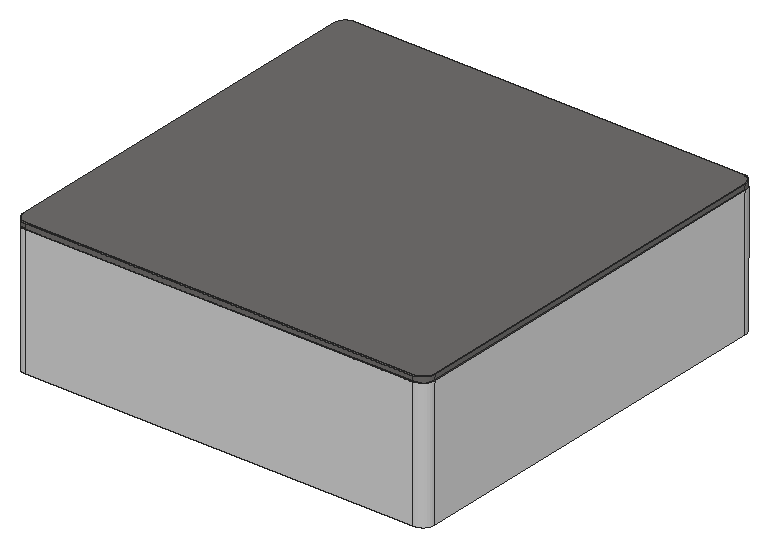
Revit family "Table-Square_Without_Power-Teknion-STLAS_Infinito-R2014", category Furniture, Revit 2014
Parameters (values of type "Square Table")
  Width = 2' - 9 1/2"
  Warranty = "http://www.teknionstudio.com/pdfs/Teknion%20Studio%20Warranty.pdf"
  URL = "http://www.teknionstudio.com"
  Surface and Edge Trim Finish [instance] = Veneer - StudioTK - P7 - Weathered
  Series = "Studio"
  Product Page URL = "http://teknionstudio.com/infinito/"
  Product Line = "Infinito"
  Product Documentation Link = "http://www.teknionstudio.com/pricing/STLAS_ppg.pdf"
  Part Number = "STLAS"
  Model = "STLAS34N"
  Manufacturer Phone = "919-464-2920"
  Manufacturer Fax = "919-464-2927"
  Manufacturer Email = "customersupport@teknionstudio.com"
  Manufacturer Address = "3953 US 70 Business HWY West, Clayton, NC 27520"
  Manufacturer = "StudioTK"
  Low Emitting Material = yes
  Low Emitting Finish = yes
  Height = 1' - 1"
  Description = "Infinito Square Table, 34\" / 86cm Width, Without Power"
  Depth = 2' - 9 1/2"
  Body Finish [instance] = Metal - StudioTK - V - Painted Very White
  Assembly Code = "E2020200"
Reference planes (in)
  plane 1 "Center F/B": y = 0
  plane 2 "Bottom": z = 0
  plane 3 "Center L/R": x = 0
  plane 4 "Left": x = -16.75
  plane 5 "Right": x = 16.75
  plane 6 "Back": y = 16.75
  plane 7 "Front": y = -16.75
  plane 8 "Top": z = 13
  plane 9 "Base": z = 2
  plane 10 "Masking Region": z = 14.53147
Forms (in)
  Sweep 1, solid, material "Paint - Teknion - Smoke"
    path origin (0, -16.75, 0) x (1, 0, 0) y (0, 0, 1)
      loop
        line (0, 0) -> (0, 2)
    profile origin (0, -16.75, 1) x (-1, 0, 0) y (0, -1, 0)
      loop
        line (13.8425, -30.5925) -> (13.8425, -2.9075) -> (-13.8425, -2.9075) -> (-13.8425, -30.5925) -> (13.8425, -30.5925)
      loop
        line (13.0925, -29.8425) -> (13.0925, -3.6575) -> (-13.0925, -3.6575) -> (-13.0925, -29.8425) -> (13.0925, -29.8425)
  Sweep 2, solid, material "Metal - StudioTK - V - Painted Very White" <- "Body Finish"
    path origin (0, -16.75, 0) x (1, 0, 0) y (0, 0, 1)
      loop
        line (0, 2) -> (0, 12.5)
    profile origin (0, -16.75, 7.25) x (-1, 0, 0) y (0, -1, 0)
      loop
        arc (15.75, -33.5) -> (16.45711, -33.20711) -> (16.75, -32.5) r 1
        line (16.75, -32.5) -> (16.75, -1)
        arc (16.75, -1) -> (16.45711, -0.29289) -> (15.75, 0) r 1
        line (15.75, 0) -> (-15.75, 0)
        arc (-15.75, 0) -> (-16.45711, -0.29289) -> (-16.75, -1) r 1
        line (-16.75, -1) -> (-16.75, -32.5)
        arc (-16.75, -32.5) -> (-16.45711, -33.20711) -> (-15.75, -33.5) r 1
        line (-15.75, -33.5) -> (15.75, -33.5)
  Sweep 3, solid, material "Veneer - StudioTK - P7 - Weathered" <- "Surface and Edge Trim Finish"
    path origin (0, -16.75, 0) x (1, 0, 0) y (0, 0, 1)
      loop
        line (0, 12.5) -> (0, 13)
    profile origin (0, -16.75, 12.75) x (-1, 0, 0) y (0, -1, 0)
      loop
        line (16.75, -32.5) -> (16.75, -1)
        arc (16.75, -1) -> (16.45711, -0.29289) -> (15.75, 0) r 1
        line (15.75, 0) -> (-15.75, 0)
        arc (-15.75, 0) -> (-16.45711, -0.29289) -> (-16.75, -1) r 1
        line (-16.75, -1) -> (-16.75, -32.5)
        arc (-16.75, -32.5) -> (-16.45711, -33.20711) -> (-15.75, -33.5) r 1
        line (-15.75, -33.5) -> (15.75, -33.5)
        arc (15.75, -33.5) -> (16.45711, -33.20711) -> (16.75, -32.5) r 1
  Sweep 4, void
    path in 3D
      loop
        arc (-15.75, -16.75, 12.5) -> (-16.45711, -16.45711, 12.5) -> (-16.75, -15.75, 12.5) r 1
        line (-16.75, -15.75, 12.5) -> (-16.75, 15.75, 12.5)
        arc (-16.75, 15.75, 12.5) -> (-16.45711, 16.45711, 12.5) -> (-15.75, 16.75, 12.5) r 1
        line (-15.75, 16.75, 12.5) -> (15.75, 16.75, 12.5)
        arc (15.75, 16.75, 12.5) -> (16.45711, 16.45711, 12.5) -> (16.75, 15.75, 12.5) r 1
        line (16.75, 15.75, 12.5) -> (16.75, -15.75, 12.5)
        arc (16.75, -15.75, 12.5) -> (16.45711, -16.45711, 12.5) -> (15.75, -16.75, 12.5) r 1
        line (15.75, -16.75, 12.5) -> (-15.75, -16.75, 12.5)
    profile origin (0, -16.75, 12.5) x (0, 1, 0) y (0, 0, -1)
      loop
        line (0, -0.05) -> (0.05, 0) -> (0, 0) -> (0, -0.05)
  Sweep 5, void
    path in 3D
      loop
        arc (16.75, 15.75, 13) -> (16.45711, 16.45711, 13) -> (15.75, 16.75, 13) r 1
        line (15.75, 16.75, 13) -> (-15.75, 16.75, 13)
        arc (-15.75, 16.75, 13) -> (-16.45711, 16.45711, 13) -> (-16.75, 15.75, 13) r 1
        line (-16.75, 15.75, 13) -> (-16.75, -15.75, 13)
        arc (-16.75, -15.75, 13) -> (-16.45711, -16.45711, 13) -> (-15.75, -16.75, 13) r 1
        line (-15.75, -16.75, 13) -> (15.75, -16.75, 13)
        arc (15.75, -16.75, 13) -> (16.45711, -16.45711, 13) -> (16.75, -15.75, 13) r 1
        line (16.75, -15.75, 13) -> (16.75, 15.75, 13)
    profile origin (16.75, 0, 13) x (-1, 0, 0) y (0, 0, 1)
      loop
        line (0, 0) -> (0, -0.04851) -> (0.04851, 0) -> (0, 0)
Cuts and joins
  Sweep 4, Sweep 5 cuts Sweep 3
Lines and regions (in)
  Masking region 1
    outline origin (0, 0, 13.73542) x (-1, 0, 0) y (0, -1, 0)
      loop
        arc (15.75, -16.75) -> (16.45711, -16.45711) -> (16.75, -15.75) r 1
        line (16.75, -15.75) -> (16.75, 15.75)
        arc (16.75, 15.75) -> (16.45711, 16.45711) -> (15.75, 16.75) r 1
        line (15.75, 16.75) -> (-15.75, 16.75)
        arc (-15.75, 16.75) -> (-16.45711, 16.45711) -> (-16.75, 15.75) r 1
        line (-16.75, 15.75) -> (-16.75, -15.75)
        arc (-16.75, -15.75) -> (-16.45711, -16.45711) -> (-15.75, -16.75) r 1
        line (-15.75, -16.75) -> (15.75, -16.75)
  sketch lines
    curve 1: line (15.75, -16.75, 12.5) -> (-15.75, -16.75, 12.5)
    curve 2: arc (15.75, -16.75, 12.5) -> (16.45711, -16.45711, 12.5) -> (16.75, -15.75, 12.5) r 1
    curve 3: line (16.75, 15.75, 12.5) -> (16.75, -15.75, 12.5)
    curve 4: arc (16.75, 15.75, 12.5) -> (16.45711, 16.45711, 12.5) -> (15.75, 16.75, 12.5) r 1
    curve 5: line (-15.75, 16.75, 12.5) -> (15.75, 16.75, 12.5)
    curve 6: arc (-16.75, 15.75, 12.5) -> (-16.45711, 16.45711, 12.5) -> (-15.75, 16.75, 12.5) r 1
    curve 7: line (-16.75, 15.75, 12.5) -> (-16.75, -15.75, 12.5)
    curve 8: arc (-15.75, -16.75, 12.5) -> (-16.45711, -16.45711, 12.5) -> (-16.75, -15.75, 12.5) r 1
    curve 9: line (16.75, -15.75, 13) -> (16.75, 15.75, 13)
    curve 10: arc (-15.75, -16.75, 13) -> (-16.45711, -16.45711, 13) -> (-16.75, -15.75, 13) r 1
    curve 11: line (-16.75, 15.75, 13) -> (-16.75, -15.75, 13)
    curve 12: arc (-16.75, 15.75, 13) -> (-16.45711, 16.45711, 13) -> (-15.75, 16.75, 13) r 1
    curve 13: line (15.75, 16.75, 13) -> (-15.75, 16.75, 13)
    curve 14: arc (15.75, 16.75, 13) -> (16.45711, 16.45711, 13) -> (16.75, 15.75, 13) r 1
    curve 15: arc (16.75, -15.75, 13) -> (16.45711, -16.45711, 13) -> (15.75, -16.75, 13) r 1
    curve 16: line (-15.75, -16.75, 13) -> (15.75, -16.75, 13)
  symbolic lines, style "Hidden Lines", detail levels medium+fine
    curve 17: line (-13.8425, -13.8425, 13.73542) -> (13.8425, -13.8425, 13.73542)
    curve 18: line (13.8425, -13.8425, 13.73542) -> (13.8425, 13.8425, 13.73542)
    curve 19: line (13.8425, 13.8425, 13.73542) -> (-13.8425, 13.8425, 13.73542)
    curve 20: line (-13.8425, 13.8425, 13.73542) -> (-13.8425, -13.8425, 13.73542)
  symbolic lines, style "Hidden Lines", detail levels fine
    curve 21: line (-13.0925, 13.0925, 13.73542) -> (13.0925, 13.0925, 13.73542)
    curve 22: line (13.0925, 13.0925, 13.73542) -> (13.0925, -13.0925, 13.73542)
    curve 23: line (13.0925, -13.0925, 13.73542) -> (-13.0925, -13.0925, 13.73542)
    curve 24: line (-13.0925, -13.0925, 13.73542) -> (-13.0925, 13.0925, 13.73542)
Dimensions and locks (in)
  "Height": plane 8 "Top" to plane 2 "Bottom"
  locked: plane 9 "Base" to plane 2 "Bottom" at 2  (x2)
  "Width": plane 4 "Left" to plane 5 "Right"
  Sweep 1 sketch curve to Sweep 1 sketch curve to plane 6 "Back" = 0' - 0 3/4" locked, 0' - 2.9075" locked
  Sweep 1 sketch curve to Sweep 1 sketch curve to plane 5 "Right" = 0' - 0 3/4" locked, 0' - 2.9075" locked
  locked: plane 10 "Masking Region" to plane 2 "Bottom" at 14.53147
  equal spacing: plane 4 "Left", plane 3 "Center L/R", plane 5 "Right"
  equal spacing: plane 6 "Back", plane 1 "Center F/B", plane 7 "Front"
  "Depth": plane 6 "Back" to plane 7 "Front"
  locked: plane 10 "Masking Region" to Sweep 2 sketch curve at 2.03147
  plane 4 "Left" to Sweep 1 sketch curve to Sweep 1 sketch curve = 0' - 2.9075" locked, 0' - 0 3/4" locked
  plane 7 "Front" to Sweep 1 sketch curve to Sweep 1 sketch curve = 0' - 2.9075" locked, 0' - 0 3/4" locked
  aligned and locked: plane 2 "Bottom" to level
  aligned and locked: plane 3 "Center L/R" to Sweep 1 sketch curve
  aligned and locked: plane 2 "Bottom" to Sweep 1 sketch curve
  aligned and locked: plane 9 "Base" to Sweep 1 sketch curve
  aligned and locked: plane 3 "Center L/R" to Sweep 2 sketch curve
  aligned and locked: plane 9 "Base" to Sweep 2 sketch curve
  aligned and locked: plane 3 "Center L/R" to Sweep 3 sketch curve
  aligned and locked: Sweep 3 sketch curve to Sweep 2
  aligned and locked: plane 6 "Back" to Masking region 1 sketch curve
  aligned and locked: Masking region 1 sketch curve to plane 4 "Left"
  aligned and locked: plane 5 "Right" to Masking region 1 sketch curve
  aligned and locked: plane 7 "Front" to Masking region 1 sketch curve
  aligned and locked: curve 17 to Sweep 1
  aligned and locked: curve 18 to Sweep 1
  aligned and locked: curve 19 to Sweep 1
  aligned and locked: curve 20 to Sweep 1
  aligned and locked: curve 21 to Sweep 1
  aligned and locked: curve 22 to Sweep 1
  aligned and locked: curve 23 to Sweep 1
  aligned and locked: curve 24 to Sweep 1
  aligned and locked: Sweep 2 sketch curve to plane 5 "Right"
  aligned and locked: Sweep 2 sketch curve to plane 6 "Back"
  aligned and locked: Sweep 2 sketch curve to plane 7 "Front"
  aligned and locked: plane 4 "Left" to Sweep 2 sketch curve
  aligned and locked: plane 5 "Right" to Sweep 3 sketch curve
  aligned and locked: plane 6 "Back" to Sweep 3 sketch curve
  aligned and locked: Sweep 3 sketch curve to plane 4 "Left"
Automatic sketch dimensions
  Sweep 3 sketch curve to plane 10 "Masking Region" = 0' - 2.03147"
  Sweep 3 sketch curve to Sweep 3 sketch curve = 0' - 0 1/2"
  Sweep 3 sketch curve to Sweep 3 sketch curve = 0' - 1"  (x2)
  Sweep 4 sketch curve to profile plane = 0' - 0.05"  (x2)
  Sweep 4 sketch curve to profile plane = 0' - 0"
  profile plane to Sweep 4 sketch curve = 0' - 0"
  Sweep 5 sketch curve to profile plane = 0' - 0.04851"  (x2)
  Sweep 5 sketch curve to profile plane = 0' - 0"  (x2)
  Masking region 1 sketch curve to plane 6 "Back" = 0' - 1"
  Masking region 1 sketch curve to plane 5 "Right" = 0' - 1"  (x2)
  plane 4 "Left" to Masking region 1 sketch curve = 0' - 1"
  Sweep 2 sketch curve to profile plane = 1' - 3 3/4"
  Sweep 2 sketch curve to Sweep 2 sketch curve = 0' - 1"  (x3)
  profile plane to Sweep 3 sketch curve = 1' - 3 3/4"
